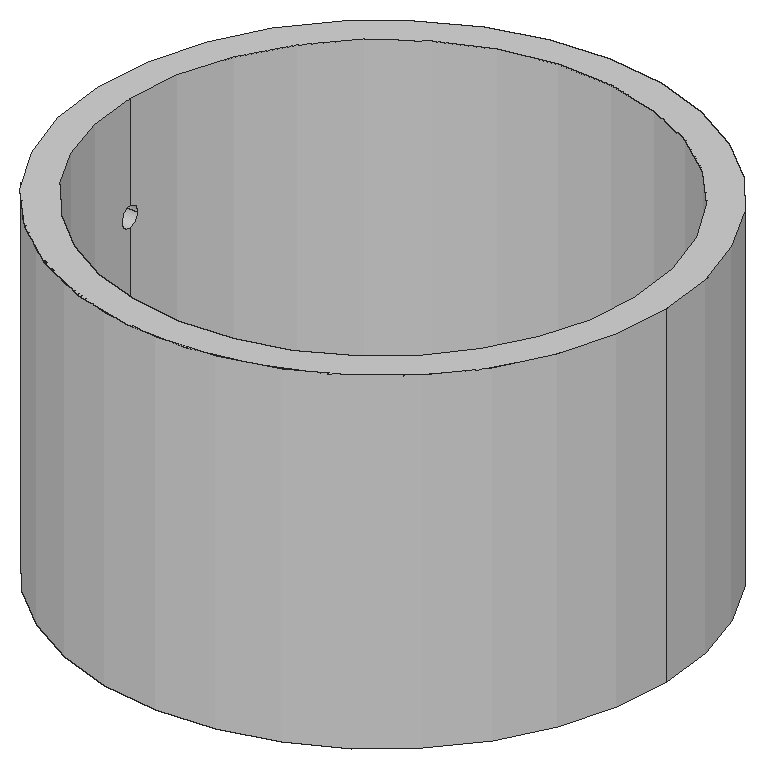
Revit family "KOD 15.10", category Фундамент несущей конструкции, Revit 2025
Family settings
  Материал для поведения модели = Прочее
  Заглушка = Нет
  Номер OmniClass = 23.25.05.00
  Заголовок OmniClass = Foundations
  На основе рабочей плоскости = Нет
  Всегда вертикально = Да
  При загрузке вырезать с полостями = Нет
  Общий = Нет
  Показывать семейство разрезанным на планах = Да
Parameters
  Петля = Петля_П1_П2 : П2
Reference planes
  plane 1 "По центру (Вперед/Назад)": y = -35
  plane 2: z = 0
  plane 3 "По центру (Влево/Вправо)": x = 0
  plane 4: z = 990
  plane 5: x = -840
  plane 6: x = -750
  plane 7: x = 750
  plane 8: x = 840
  plane 9: z = 150
  plane 10: x = -830
  plane 11: x = 830
  plane 12: z = 370
  plane 13: z = 675
Forms (mm)
  Extrusion 1, solid, material "Бетон В15"
    sketch origin (0, 0, 0) x (1, 0, 0) y (0, 1, 0)
      loop
        circle (0, -35) r 840
      loop
        circle (0, -35) r 750
    from 0 to 990
  Extrusion 2, solid, material "Бетон В15"
    sketch origin (0, 0, 0) x (1, 0, 0) y (0, 1, 0)
      loop
        circle (0, -35) r 750
    from 0 to 100
  Extrusion 3, void
    sketch origin (0, 0, 0) x (0, 1, 0) y (0, 0, 1)
      loop
        circle (-35, 370) r 30
    from -830 to 830
  Extrusion 4, void
    sketch origin (0, 0, 305) x (0, 1, 0) y (0, 0, 1)
      loop
        circle (-35, 370) r 30
    from -830 to 830
Cuts and joins
  Extrusion 3, Extrusion 4 cuts Extrusion 1
  Extrusion 4 cuts Extrusion 2
  joined: Extrusion 1, Extrusion 2
Dimensions and locks
  plane 4 to level = 990 mm
  plane 12 to level = 370 mm
  plane 13 to plane 12 = 305 mm
  aligned and locked: plane 2 to level
